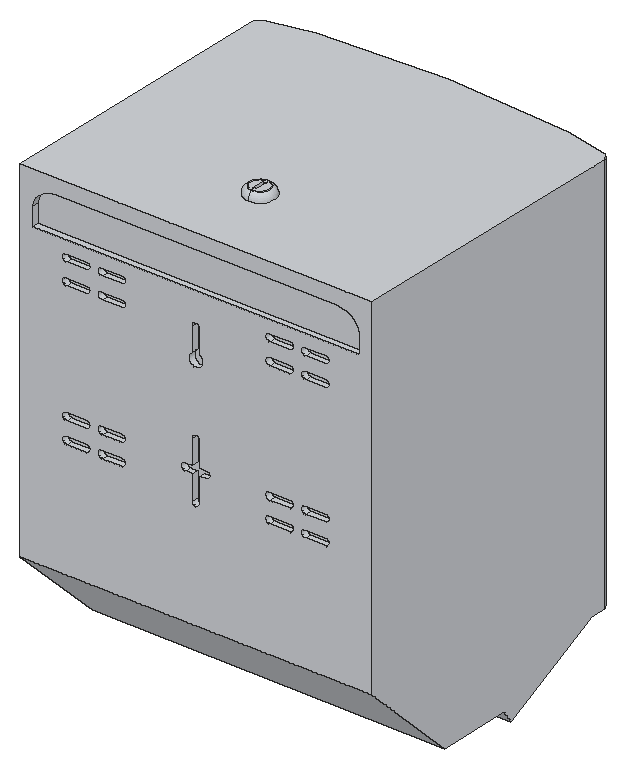
Revit family "AX9002_0014", category Appareils sanitaires, Revit 2016
Family settings
  Hôte = Mur
  Type d'élément = Normal
  Cote de connecteur circulaire = Utiliser le diamètre
  Numéro OmniClass = 23.75.00.00
  Titre OmniClass = Climate Control (HVAC)
  Toujours verticalement = Oui
  Couper avec des vides une fois chargée = Non
  Partagée = Non
  Point de calcul de pièce = Non
Parameters (values of type "Type 1")
  URL = "https://www.axeuro.com/fr/distributeurs-d-essuie-mains/15480-distributeur-d-essuie-mains-ax9002.html?search_query=Ax9002&results=1"
  Modèle = "AX9002"  # constant formula
  Matériaux = "En inox 304 (18/10) Bactériostatique"  # constant formula
  Finition = "Brossé Poli Satiné HyperPolish"  # constant formula
  Fabricant = "Axeuro"  # constant formula
  Description = "Distributeur d'essuie-mains"  # constant formula
Reference planes
  plane 1 "Mur": y = 0
  plane 2 "Centre (gauche/droite)": x = 0
  plane 3 "Arrière": y = 75
  plane 4: z = 0
  plane 5: x = 400
  plane 6: z = 2040.386
  plane 7: x = -400
Forms (mm)
  Extrusion 1, solid, not visible
    sketch origin (2.754, 75, -43.399) x (1, 0, 0) y (0, 0, 1)
      loop
        circle (125.604, 1575.159) r 8.25
    from -15 to -12.919
  Extrusion 2, void, not visible
    sketch origin (-0.165, 75, -0.43) x (1, 0, 0) y (0, 0, 1)
      loop
        line (129.522, 1537.139) -> (127.522, 1537.139) -> (127.522, 1527.239) -> (129.522, 1527.239) -> (129.522, 1537.139)
    from -15 to -12.919
  Extrusion 3, solid
    sketch origin (-2.609, 0, 0) x (0, 1, 0) y (0, 0, 1)
      loop
        line (75, 1820.319) -> (75, 1540.319) -> (147.487, 1470.319) -> (206.097, 1470.319) -> (212.842, 1460.319) -> (293, 1500.319) -> (293, 1820.319) -> (75, 1820.319)
    from -137.5 to 142.5
  Extrusion 4, solid
    sketch origin (-2.609, 0, 0) x (1, 0, 0) y (0, 1, 0)
      loop
        line (-137.5, 293) -> (142.5, 293) -> (142.5, 306.122)
        arc (142.5, 306.122) -> (140.341, 309.734) -> (136.745, 311.918) r 8.74
        arc (136.745, 311.918) -> (119.798, 316.356) -> (102.51, 319.195) r 187.719
        arc (102.51, 319.195) -> (52.644, 323.548) -> (2.609, 325) r 862.563
        arc (2.609, 325) -> (-47.426, 323.548) -> (-97.292, 319.195) r 862.563
        arc (-97.292, 319.195) -> (-114.58, 316.356) -> (-131.527, 311.918) r 187.719
        arc (-131.527, 311.918) -> (-135.433, 309.406) -> (-137.5, 305.247) r 8.74
        line (-137.5, 305.247) -> (-137.5, 293)
    from 1500.311 to 1820.319
  Extrusion 5, void
    sketch origin (2.391, -33.245, -60.095) x (0, 1, 0) y (0, 0, 1)
      loop
        circle (224.245, 1594.414) r 29
    from -142.5 to -137.5
  Extrusion 6, void
    sketch origin (-300.551, 0, -58.733) x (1, 0, 0) y (0, 0, 1)
      loop
        line (297.551, 1812.052) -> (297.551, 1793.162)
        arc (297.551, 1793.162) -> (300.551, 1783.052) -> (303.551, 1793.162) r 5.5
        line (303.551, 1793.162) -> (303.551, 1812.052)
        arc (303.551, 1812.052) -> (300.551, 1815.052) -> (297.551, 1812.052) r 3
    from -80 to -75
  Extrusion 7, void
    sketch origin (-300.551, 0, -138.733) x (1, 0, 0) y (0, 0, 1)
      loop
        line (297.551, 1812.052) -> (297.551, 1792.552) -> (292.251, 1792.552)
        arc (292.251, 1792.552) -> (289.251, 1789.552) -> (292.251, 1786.552) r 3
        line (292.251, 1786.552) -> (297.551, 1786.552) -> (297.551, 1767.052)
        arc (297.551, 1767.052) -> (300.551, 1764.052) -> (303.551, 1767.052) r 3
        line (303.551, 1767.052) -> (303.551, 1786.552) -> (308.851, 1786.552)
        arc (308.851, 1786.552) -> (311.851, 1789.552) -> (308.851, 1792.552) r 3
        line (308.851, 1792.552) -> (303.551, 1792.552) -> (303.551, 1812.052)
        arc (303.551, 1812.052) -> (300.551, 1815.052) -> (297.551, 1812.052) r 3
    from -80 to -75
  Extrusion 8, void
    sketch origin (-376.898, 0, 79.542) x (1, 0, 0) y (0, 0, 1)
      loop
        line (246.898, 1699.778) -> (506.898, 1699.778) -> (506.898, 1714.278)
        arc (506.898, 1714.278) -> (500.897, 1724.673) -> (489.618, 1728.778) r 17.547
        line (489.618, 1728.778) -> (264.179, 1728.778)
        arc (264.179, 1728.778) -> (252.9, 1724.673) -> (246.898, 1714.278) r 17.547
        line (246.898, 1714.278) -> (246.898, 1699.778)
    from -80 to -75
  Extrusion 9, void
    sketch origin (2.391, 40.56, -35.501) x (0, 1, 0) y (0, 0, 1)
      loop
        arc (191.884, 1723.82) -> (189.884, 1725.82) -> (187.884, 1723.82) r 2
        line (187.884, 1723.82) -> (187.884, 1664.82)
        arc (187.884, 1664.82) -> (189.884, 1662.82) -> (191.884, 1664.82) r 2
        line (191.884, 1664.82) -> (191.884, 1723.82)
    from -142.5 to -137.5
  Extrusion 10, void
    sketch origin (-241.928, 0, -140.029) x (1, 0, 0) y (0, 0, 1)
      loop
        arc (138.819, 1909.349) -> (135.819, 1906.349) -> (138.819, 1903.349) r 3
        line (138.819, 1903.349) -> (154.819, 1903.349)
        arc (154.819, 1903.349) -> (157.819, 1906.349) -> (154.819, 1909.349) r 3
        line (154.819, 1909.349) -> (138.819, 1909.349)
    from -80 to -75
  Extrusion 11, void
    sketch origin (-213.528, 0, -140.029) x (1, 0, 0) y (0, 0, 1)
      loop
        arc (138.819, 1909.349) -> (135.819, 1906.349) -> (138.819, 1903.349) r 3
        line (138.819, 1903.349) -> (154.819, 1903.349)
        arc (154.819, 1903.349) -> (157.819, 1906.349) -> (154.819, 1909.349) r 3
        line (154.819, 1909.349) -> (138.819, 1909.349)
    from -80 to -75
  Extrusion 12, void
    sketch origin (241.928, 0, -140.029) x (-1, 0, 0) y (0, 0, -1)
      loop
        line (138.819, -1909.349) -> (154.819, -1909.349)
        arc (154.819, -1909.349) -> (157.819, -1906.349) -> (154.819, -1903.349) r 3
        line (154.819, -1903.349) -> (138.819, -1903.349)
        arc (138.819, -1903.349) -> (135.819, -1906.349) -> (138.819, -1909.349) r 3
    from -80 to -75
  Extrusion 13, void
    sketch origin (213.528, 0, -140.029) x (-1, 0, 0) y (0, 0, -1)
      loop
        line (138.819, -1909.349) -> (154.819, -1909.349)
        arc (154.819, -1909.349) -> (157.819, -1906.349) -> (154.819, -1903.349) r 3
        line (154.819, -1903.349) -> (138.819, -1903.349)
        arc (138.819, -1903.349) -> (135.819, -1906.349) -> (138.819, -1909.349) r 3
    from -80 to -75
  Extrusion 14, void
    sketch origin (-241.928, 0, -270.029) x (1, 0, 0) y (0, 0, 1)
      loop
        arc (138.819, 1909.349) -> (135.819, 1906.349) -> (138.819, 1903.349) r 3
        line (138.819, 1903.349) -> (154.819, 1903.349)
        arc (154.819, 1903.349) -> (157.819, 1906.349) -> (154.819, 1909.349) r 3
        line (154.819, 1909.349) -> (138.819, 1909.349)
    from -80 to -75
  Extrusion 15, void
    sketch origin (-213.528, 0, -270.029) x (1, 0, 0) y (0, 0, 1)
      loop
        arc (138.819, 1909.349) -> (135.819, 1906.349) -> (138.819, 1903.349) r 3
        line (138.819, 1903.349) -> (154.819, 1903.349)
        arc (154.819, 1903.349) -> (157.819, 1906.349) -> (154.819, 1909.349) r 3
        line (154.819, 1909.349) -> (138.819, 1909.349)
    from -80 to -75
  Extrusion 16, void
    sketch origin (241.928, 0, -270.029) x (-1, 0, 0) y (0, 0, -1)
      loop
        line (138.819, -1909.349) -> (154.819, -1909.349)
        arc (154.819, -1909.349) -> (157.819, -1906.349) -> (154.819, -1903.349) r 3
        line (154.819, -1903.349) -> (138.819, -1903.349)
        arc (138.819, -1903.349) -> (135.819, -1906.349) -> (138.819, -1909.349) r 3
    from -80 to -75
  Extrusion 17, void
    sketch origin (213.528, 0, -270.029) x (-1, 0, 0) y (0, 0, -1)
      loop
        line (138.819, -1909.349) -> (154.819, -1909.349)
        arc (154.819, -1909.349) -> (157.819, -1906.349) -> (154.819, -1903.349) r 3
        line (154.819, -1903.349) -> (138.819, -1903.349)
        arc (138.819, -1903.349) -> (135.819, -1906.349) -> (138.819, -1909.349) r 3
    from -80 to -75
  Extrusion 18, void
    sketch origin (-241.928, 0, -253.029) x (1, 0, 0) y (0, 0, 1)
      loop
        arc (138.819, 1909.349) -> (135.819, 1906.349) -> (138.819, 1903.349) r 3
        line (138.819, 1903.349) -> (154.819, 1903.349)
        arc (154.819, 1903.349) -> (157.819, 1906.349) -> (154.819, 1909.349) r 3
        line (154.819, 1909.349) -> (138.819, 1909.349)
    from -80 to -75
  Extrusion 19, void
    sketch origin (-213.528, 0, -253.029) x (1, 0, 0) y (0, 0, 1)
      loop
        arc (138.819, 1909.349) -> (135.819, 1906.349) -> (138.819, 1903.349) r 3
        line (138.819, 1903.349) -> (154.819, 1903.349)
        arc (154.819, 1903.349) -> (157.819, 1906.349) -> (154.819, 1909.349) r 3
        line (154.819, 1909.349) -> (138.819, 1909.349)
    from -80 to -75
  Extrusion 20, void
    sketch origin (241.928, 0, -253.029) x (-1, 0, 0) y (0, 0, -1)
      loop
        line (138.819, -1909.349) -> (154.819, -1909.349)
        arc (154.819, -1909.349) -> (157.819, -1906.349) -> (154.819, -1903.349) r 3
        line (154.819, -1903.349) -> (138.819, -1903.349)
        arc (138.819, -1903.349) -> (135.819, -1906.349) -> (138.819, -1909.349) r 3
    from -80 to -75
  Extrusion 21, void
    sketch origin (213.528, 0, -253.029) x (-1, 0, 0) y (0, 0, -1)
      loop
        line (138.819, -1909.349) -> (154.819, -1909.349)
        arc (154.819, -1909.349) -> (157.819, -1906.349) -> (154.819, -1903.349) r 3
        line (154.819, -1903.349) -> (138.819, -1903.349)
        arc (138.819, -1903.349) -> (135.819, -1906.349) -> (138.819, -1909.349) r 3
    from -80 to -75
  Extrusion 22, void
    sketch origin (-241.928, 0, -157.029) x (1, 0, 0) y (0, 0, 1)
      loop
        arc (138.819, 1909.349) -> (135.819, 1906.349) -> (138.819, 1903.349) r 3
        line (138.819, 1903.349) -> (154.819, 1903.349)
        arc (154.819, 1903.349) -> (157.819, 1906.349) -> (154.819, 1909.349) r 3
        line (154.819, 1909.349) -> (138.819, 1909.349)
    from -80 to -75
  Extrusion 23, void
    sketch origin (-213.528, 0, -157.029) x (1, 0, 0) y (0, 0, 1)
      loop
        arc (138.819, 1909.349) -> (135.819, 1906.349) -> (138.819, 1903.349) r 3
        line (138.819, 1903.349) -> (154.819, 1903.349)
        arc (154.819, 1903.349) -> (157.819, 1906.349) -> (154.819, 1909.349) r 3
        line (154.819, 1909.349) -> (138.819, 1909.349)
    from -80 to -75
  Extrusion 24, void
    sketch origin (241.928, 0, -157.029) x (-1, 0, 0) y (0, 0, -1)
      loop
        line (138.819, -1909.349) -> (154.819, -1909.349)
        arc (154.819, -1909.349) -> (157.819, -1906.349) -> (154.819, -1903.349) r 3
        line (154.819, -1903.349) -> (138.819, -1903.349)
        arc (138.819, -1903.349) -> (135.819, -1906.349) -> (138.819, -1909.349) r 3
    from -80 to -75
  Extrusion 25, void
    sketch origin (213.528, 0, -157.029) x (-1, 0, 0) y (0, 0, -1)
      loop
        line (138.819, -1909.349) -> (154.819, -1909.349)
        arc (154.819, -1909.349) -> (157.819, -1906.349) -> (154.819, -1903.349) r 3
        line (154.819, -1903.349) -> (138.819, -1903.349)
        arc (138.819, -1903.349) -> (135.819, -1906.349) -> (138.819, -1909.349) r 3
    from -80 to -75
  Revolve 26, solid
    sketch origin (0, 2078.38, 1637.304) x (0, 0, 1) y (0, -1, 0)
      loop
        line (183.015, 1951.576) -> (183.015, 1947.779) -> (188.973, 1947.779)
        arc (188.973, 1947.779) -> (186.535, 1950.527) -> (183.015, 1951.576) r 6.699
      axis (188.973, 1939.978) -> (183.015, 1939.978)
    angle from 0 to 360
  Extrusion 27, solid
    sketch origin (0, 2078.38, 1934.292) x (0, -1, 0) y (1, 0, 0)
      loop
        circle (1940.019, 0) r 7.777
    from -113.973 to -108.015
  Extrusion 28, void
    sketch origin (2.201, 2077.743, 1934.292) x (0, -1, 0) y (1, 0, 0)
      loop
        line (1944.317, -0.713) -> (1934.447, -0.713) -> (1934.447, -3.713) -> (1944.317, -3.713) -> (1944.317, -0.713)
    from -113.973 to -108.015
  Revolve 29, solid, not visible
    sketch origin (162.118, 0, 18.451) x (0, 1, 0) y (0, 0, 1)
      loop
        line (183.015, 1951.576) -> (183.015, 1947.779) -> (188.973, 1947.779)
        arc (188.973, 1947.779) -> (186.535, 1950.527) -> (183.015, 1951.576) r 6.699
      axis (188.973, 1939.978) -> (183.015, 1939.978)
    angle from 0 to 360
  Extrusion 30, solid, not visible
    sketch origin (162.118, 75, 18.451) x (1, 0, 0) y (0, 0, 1)
      loop
        circle (0, 1940.019) r 7.777
    from -113.973 to -108.015
  Extrusion 31, void, not visible
    sketch origin (164.319, 75, 19.088) x (1, 0, 0) y (0, 0, 1)
      loop
        line (-0.713, 1944.317) -> (-3.713, 1944.317) -> (-3.713, 1934.447) -> (-0.713, 1934.447) -> (-0.713, 1944.317)
    from -113.973 to -108.015
Cuts and joins
  Extrusion 5, Extrusion 6, Extrusion 7, Extrusion 8, Extrusion 9, Extrusion 10, Extrusion 11, Extrusion 12, Extrusion 13, Extrusion 14, Extrusion 15, Extrusion 16, Extrusion 17, Extrusion 18, Extrusion 19, Extrusion 20, Extrusion 21, Extrusion 22, Extrusion 23, Extrusion 24, Extrusion 25 cuts Extrusion 3
  Extrusion 5, Extrusion 7, Extrusion 9, Extrusion 11, Extrusion 12, Extrusion 13, Extrusion 14, Extrusion 15, Extrusion 16, Extrusion 17, Extrusion 18, Extrusion 19, Extrusion 20, Extrusion 21, Extrusion 22, Extrusion 23, Extrusion 24, Extrusion 25 cuts Extrusion 4
  joined: Extrusion 3, Extrusion 4
  Extrusion 28 cuts Extrusion 27
Text (mm)
  text "Côté de la mise en place" at (-1820.995, 1116.779, 0), in view "Niveau de réf."
  text "Côté de la mise en place" at (0, 1334.055, 2976.191), in view "Gauche"
  text "Côté de la mise en place" at (0, 439.194, 2944.362), in view "Droite"
Dimensions and locks
  locked: plane 3 "Arrière" to host wall
  aligned and locked: plane 1 "Mur" to host wall
  aligned and locked: host sketch curve to plane 7
  aligned and locked: host sketch curve to plane 4
  aligned and locked: host sketch curve to plane 5
  aligned and locked: host sketch curve to plane 6
